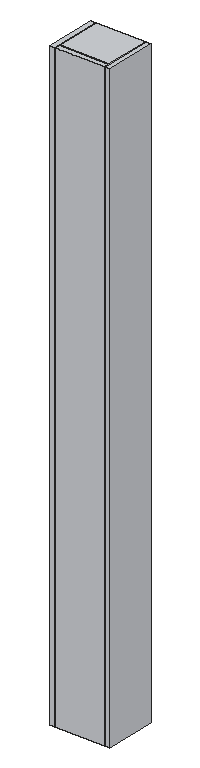
Revit family
Parameters (values of type "200 x 170 x 2020mm")
  URL = ""
  Type Comments = ""
  Model = "CD Holder"
  Material = none
  Manufacturer = "Revit"
  Description = "CD Holder"
  Cost = 0
  Assembly Code = "E2020200"
Reference planes
  plane 1 "Center (Front/Back)": y = 0
  plane 2: z = 0
  plane 3 "Center (Left/Right)": x = -67.433
  plane 4: x = -167.433
  plane 5: x = 32.567
  plane 6: y = 170
  plane 7: z = 2020
Forms (mm)
  Extrusion 1, solid, material <- "Material"
    sketch origin (0, 0, 0) x (1, 0, 0) y (0, 1, 0)
      loop
        line (-167.433, 170) -> (-167.433, 0) -> (-149.433, 0) -> (-149.433, 170) -> (-167.433, 170)
      loop
        line (32.567, 170) -> (14.567, 170) -> (14.567, 0) -> (32.567, 0) -> (32.567, 170)
    from 0 to 2020
  Extrusion 2, solid, material <- "Material"
    sketch origin (0, -34.484, 0) x (1, 0, 0) y (0, 1, 0)
      loop
        line (-149.433, 52.484) -> (-149.433, 34.484) -> (14.567, 34.484) -> (14.567, 52.484) -> (-149.433, 52.484)
    from 0 to 2020
  Extrusion 3, solid, material <- "Material"
    sketch origin (0, 0, 0) x (1, 0, 0) y (0, 1, 0)
      loop
        line (-149.433, 156.96) -> (-149.433, 141.96) -> (14.567, 141.96) -> (14.567, 156.96) -> (-149.433, 156.96)
    from 0 to 20
  Extrusion 4, solid, material <- "Material"
    sketch origin (0, 0, 0) x (1, 0, 0) y (0, 0, 1)
      loop
        line (-149.433, 2020) -> (-149.433, 2002) -> (14.567, 2002) -> (14.567, 2020) -> (-149.433, 2020)
    from -170 to -18
  Extrusion 5, solid, material <- "Material"
    sketch origin (0, 0, -1982) x (1, 0, 0) y (0, 0, 1)
      loop
        line (-149.433, 2020) -> (-149.433, 2002) -> (14.567, 2002) -> (14.567, 2020) -> (-149.433, 2020)
    from -170 to -18
  Extrusion 6, solid, material <- "Material"
    sketch origin (0, 0, -180.182) x (1, 0, 0) y (0, 0, 1)
      loop
        line (-149.433, 2020) -> (-149.433, 2002) -> (14.567, 2002) -> (14.567, 2020) -> (-149.433, 2020)
    from -170 to -18
  Extrusion 7, solid, material <- "Material"
    sketch origin (0, 0, -360.364) x (1, 0, 0) y (0, 0, 1)
      loop
        line (-149.433, 2020) -> (-149.433, 2002) -> (14.567, 2002) -> (14.567, 2020) -> (-149.433, 2020)
    from -170 to -18
  Extrusion 8, solid, material <- "Material"
    sketch origin (0, 0, -540.545) x (1, 0, 0) y (0, 0, 1)
      loop
        line (-149.433, 2020) -> (-149.433, 2002) -> (14.567, 2002) -> (14.567, 2020) -> (-149.433, 2020)
    from -170 to -18
  Extrusion 9, solid, material <- "Material"
    sketch origin (0, 0, -720.727) x (1, 0, 0) y (0, 0, 1)
      loop
        line (-149.433, 2020) -> (-149.433, 2002) -> (14.567, 2002) -> (14.567, 2020) -> (-149.433, 2020)
    from -170 to -18
  Extrusion 10, solid, material <- "Material"
    sketch origin (0, 0, -900.909) x (1, 0, 0) y (0, 0, 1)
      loop
        line (-149.433, 2020) -> (-149.433, 2002) -> (14.567, 2002) -> (14.567, 2020) -> (-149.433, 2020)
    from -170 to -18
  Extrusion 11, solid, material <- "Material"
    sketch origin (0, 0, -1081.091) x (1, 0, 0) y (0, 0, 1)
      loop
        line (-149.433, 2020) -> (-149.433, 2002) -> (14.567, 2002) -> (14.567, 2020) -> (-149.433, 2020)
    from -170 to -18
  Extrusion 12, solid, material <- "Material"
    sketch origin (0, 0, -1261.273) x (1, 0, 0) y (0, 0, 1)
      loop
        line (-149.433, 2020) -> (-149.433, 2002) -> (14.567, 2002) -> (14.567, 2020) -> (-149.433, 2020)
    from -170 to -18
  Extrusion 13, solid, material <- "Material"
    sketch origin (0, 0, -1441.455) x (1, 0, 0) y (0, 0, 1)
      loop
        line (-149.433, 2020) -> (-149.433, 2002) -> (14.567, 2002) -> (14.567, 2020) -> (-149.433, 2020)
    from -170 to -18
  Extrusion 14, solid, material <- "Material"
    sketch origin (0, 0, -1621.636) x (1, 0, 0) y (0, 0, 1)
      loop
        line (-149.433, 2020) -> (-149.433, 2002) -> (14.567, 2002) -> (14.567, 2020) -> (-149.433, 2020)
    from -170 to -18
  Extrusion 15, solid, material <- "Material"
    sketch origin (0, 0, -1801.818) x (1, 0, 0) y (0, 0, 1)
      loop
        line (-149.433, 2020) -> (-149.433, 2002) -> (14.567, 2002) -> (14.567, 2020) -> (-149.433, 2020)
    from -170 to -18
Dimensions and locks
  equal spacing: plane 4, plane 3 "Center (Left/Right)", plane 5
  locked: plane 4 to plane 5 at 200
  locked: plane 1 "Center (Front/Back)" to plane 6 at 170
  locked: plane 7 to plane 2 at 2020
  equal spacing: group 1, group 3, group 4, group 5, group 6, group 7, group 8, group 9, group 10, group 11, group 12, group 2  (x2)
  equal spacing: group 2, group 12, group 11, group 10, group 9, group 8, group 7, group 6, group 5, group 4, group 3, group 1
  aligned and locked: plane 5 to Extrusion 1 sketch curve
  aligned and locked: Extrusion 1 sketch curve to plane 6
  aligned and locked: plane 1 "Center (Front/Back)" to Extrusion 1 sketch curve  (x2)
  aligned and locked: plane 6 to Extrusion 1 sketch curve
  aligned and locked: Extrusion 1 sketch curve to plane 4
  aligned and locked: Extrusion 1 to plane 7
  aligned and locked: Extrusion 1 to Extrusion 2 sketch curve  (x2)
  aligned and locked: Extrusion 2 to plane 7
  aligned and locked: plane 1 "Center (Front/Back)" to Extrusion 2
  aligned and locked: Extrusion 4 to plane 6
  aligned and locked: Extrusion 4 to Extrusion 2
